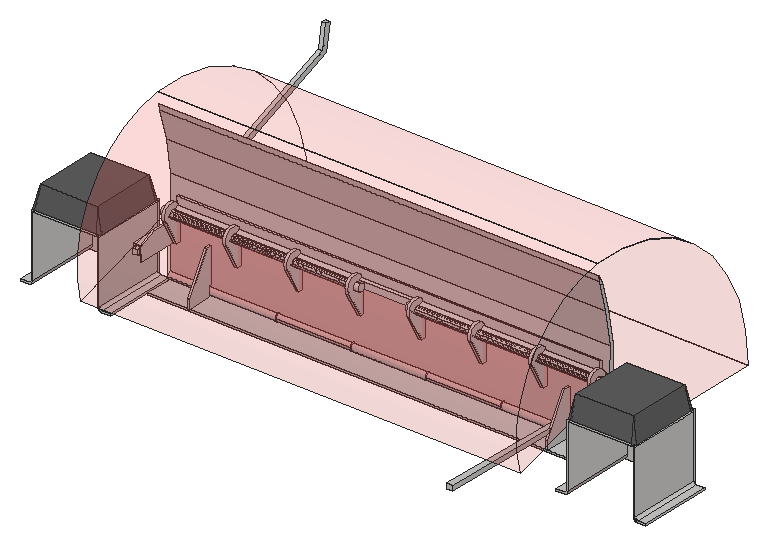
Revit family "Loading-Equipment_Dock-levellers_Wayne-Dalton_Edge-dock-leveler", category Specialty Equipment, host Face, Revit 2026
Family settings
  Host = Face
  Round Connector Dimension = Use Diameter
  Part Type = Normal
  Classification Number = 23.50.70.14.14
  Enable Cutting in Views = No
  Cut with Voids When Loaded = No
  Maintain Annotation Orientation = No
  Shared = No
  Room Calculation Point = No
Parameters (values of type "78in Wide – Extension Spring – Retractable Pole")
  Width = 6' - 6"
  URL = "https://www.wayne-dalton.com/"
  Top Plate Material = Metal - Wayne Dalton - Steel Checker Plate
  Shaft Angle Real [instance] = if(Shaft Angle < 0.00°, 0.00°, if(Shaft Angle > 90.00°, 90.00°, Shaft Angle))  # 0.00°
  Shaft Angle [instance] = 0.00°
  Product data url = "https://www.bimobject.com/en/wayne-dalton/product/edge-of-dock-leveler"
  Product Page URL = "https://www.wayne-dalton.com/dock-equipment/edge-of-dock"
  Product Guid = ""
  Pole Visibility [instance] = yes
  Mount Type [instance] = if(Mount < 2, "Embed", if(Mount = 2, "Formed angle", if(Mount = 3, "Face", "Transition plate")))  # "Face"
  Mount [instance] = 3  # constant formula
  Model = "Edge Dock E78WD"
  Manufacturer = "Wayne Dalton"  # constant formula
  Main Material = Metal - Wayne Dalton - Steel
  Lip Type [instance] = if(Lip < 2, "15in (box projection 16in)", "17in (box projection 18in)")  # "15in (box projection 16in)"
  Lip Angle [instance] = 0.00°
  Lip [instance] = 1
  Description = "Wayne Dalton DaltonDock™ Edge of Dock Leveler provides smooth, safe path for loading docks and trailers."  # constant formula
  Default Elevation = 4' - 0"
  Clearance [instance] = yes
  Capacity Type [instance] = if(Capacity < 2, "20k", if(Capacity = 2, "25k", "30k"))  # "20k"
  Capacity [instance] = 1
  C-chanel vis [instance] = if(Mount < 2, 1 < 2, 1 > 2)  # no
Types (4): name | Width | Model
  (no name) | 6' - 6" | "Edge Dock E78WD"
  66in Wide – Extension Spring – Retractable Pole | 5' - 6" | "Edge Dock E66WD"
  72in Wide – Extension Spring – Retractable Pole | 6' - 0" | "Edge Dock E72WD"
  78in Wide – Extension Spring – Retractable Pole | 6' - 6" | "Edge Dock E78WD"
Reference planes (in)
  plane 1 "Center (Front/Back)": y = 0
  plane 2: z = 0
  plane 3 "Center (Left/Right)": x = 0
  plane 4: x = -39
  plane 5: x = 39
  plane 6: x = -47.50001
  plane 7: x = 47.5
  plane 8: x = 55.50001
  plane 9: x = -55.5
  plane 10: x = -32
  plane 11: x = 32
  plane 12: x = -33.25
  plane 13: x = -19.95
  plane 14: x = -6.65
  plane 15: x = 6.65
  plane 16: x = 19.95
  plane 17: x = 33.25
  plane 18: z = 0.9375
  plane 19: y = -0.375
Forms (in)
  Extrusion 1, solid, material "Metal - Wayne Dalton - Steel" <- "Main Material", visible <- "C-chanel vis"
    sketch origin (0, 0, 0) x (0, 1, 0) y (0, 0, 1)
      loop
        line (0, 0) -> (-8.01385, 0) -> (-8.01385, -1.5)
        arc (-8.01385, -1.5) -> (-7.90361, -1.48024) -> (-7.84326, -1.38589) r 0.13978
        line (-7.84326, -1.38589) -> (-7.68903, -0.41067)
        arc (-7.68903, -0.41067) -> (-7.62464, -0.29564) -> (-7.50095, -0.25) r 0.19042
        line (-7.50095, -0.25) -> (-0.5129, -0.25)
        arc (-0.5129, -0.25) -> (-0.38922, -0.29564) -> (-0.32482, -0.41067) r 0.19042
        line (-0.32482, -0.41067) -> (-0.17059, -1.38589)
        arc (-0.17059, -1.38589) -> (-0.11024, -1.48024) -> (0, -1.5) r 0.13978
        line (0, -1.5) -> (0, 0)
    from -55.5 to 55.50001
  Extrusion 2, solid, material "Metal - Wayne Dalton - Steel" <- "Main Material"
    sketch origin (0, 0, 0) x (0, 1, 0) y (0, 0, 1)
      loop
        line (-0.25, 0.3125) -> (-5.5, 0.3125) -> (-5.5, 0) -> (-0.25, 0) -> (-0.25, 0.3125)
    from -39 to 39
  Extrusion 3, solid, material "Metal - Wayne Dalton - Steel" <- "Main Material"
    sketch origin (0, 0, 0) x (0, 1, 0) y (0, 0, 1)
      loop
        line (-0.75, 8.3125) -> (-1.75, 8.3125) -> (-5.5, 1.8125) -> (-5.5, 0.3125) -> (-1.125, 0.3125) -> (-1.125, 1.93734) -> (-1, 2.15401) -> (-0.75, 2.1875) -> (-0.75, 8.3125)
    from -32 to -31.625
  Extrusion 4, solid, material "Metal - Wayne Dalton - Steel" <- "Main Material"
    sketch origin (0, 0, 0) x (0, 1, 0) y (0, 0, -1)
      loop
        line (-0.75, -8.3125) -> (-0.75, -2.1875) -> (-1, -2.15401) -> (-1.125, -1.93734) -> (-1.125, -0.3125) -> (-5.5, -0.3125) -> (-5.5, -1.8125) -> (-1.75, -8.3125) -> (-0.75, -8.3125)
    from -32 to -31.625
  Extrusion 5, solid, material "Metal - Wayne Dalton - Steel" <- "Main Material"
    sketch origin (0, 0, 0) x (0, 1, 0) y (0, 0, 1)
      loop
        line (-26.23941, 3.63613) -> (-26.2541, 2.76126) -> (-2.17659, 2.35103) -> (-2.17659, 3.22729) -> (-26.23941, 3.63613)
    from 30.625 to 31.625
  Extrusion 6, solid, material "Metal - Wayne Dalton - Steel" <- "Main Material"
    sketch origin (0, 0, 0) x (0, 1, 0) y (0, 0, 1)
      loop
        circle (-0.375, 0.9375) r 0.62941
    from -39 to 39
  Extrusion 7, void
    sketch origin (0, 0, 0) x (1, 0, 0) y (0, 0, 1)
      loop
        line (-33.25, 0) -> (-19.95, 0) -> (-19.95, 2.84462) -> (-33.25, 2.84462) -> (-33.25, 0)
      loop
        line (-6.65, 0) -> (6.65, 0) -> (6.65, 2.84462) -> (-6.65, 2.84462) -> (-6.65, 0)
      loop
        line (19.95, 0) -> (33.25, 0) -> (33.25, 2.84462) -> (19.95, 2.84462) -> (19.95, 0)
    from -4.87956 to 8.01385
  Extrusion 8, solid, material "Clearance - Wayne Dalton - Red", visible <- "Clearance"
    sketch origin (0, 0, 0) x (0, 1, 0) y (0, 0, 1)
      loop
        line (-0.99096, 0.55272) -> (30.12015, 0.55272)
        arc (30.12015, 0.55272) -> (20.27848, 23.37712) -> (-3.28207, 31.29621) r 30.49758
        arc (-3.28207, 31.29621) -> (-17.86791, 22.358) -> (-20.39644, 5.43923) r 20.23892
        line (-20.39644, 5.43923) -> (-0.99096, 11.18739) -> (-0.99096, 0.55272)
    from -39 to 39
Cuts and joins
  Extrusion 7 cuts Extrusion 6
Lines and regions (in)
  Masking region 1, visible <- "C-chanel vis"
    outline origin (0, 0, 0) x (1, 0, 0) y (0, 0, 1)
      loop
        line (-55.5, 0) -> (-55.5, -1.5) -> (55.50001, -1.5) -> (55.50001, 0) -> (-55.5, 0)
  Masking region 2
    outline origin (0, 0, 0) x (1, 0, 0) y (0, 0, 1)
      loop
        line (39, 0.3125) -> (-39, 0.3125) -> (-39, 0) -> (39, 0) -> (39, 0.3125)
  Masking region 3
    outline origin (0, 0, 0) x (1, 0, 0) y (0, 0, 1)
      loop
        line (33.25, 1.4437) -> (33.25, 0.3125) -> (39, 0.3125) -> (39, 1.4437) -> (33.25, 1.4437)
      loop
        line (6.65, 1.4437) -> (6.65, 0.30809) -> (19.95, 0.30809) -> (19.95, 1.4437) -> (6.65, 1.4437)
      loop
        line (-19.95, 1.4437) -> (-19.95, 0.30809) -> (-6.65, 0.30809) -> (-6.65, 1.4437) -> (-19.95, 1.4437)
      loop
        line (-39, 1.4437) -> (-39, 0.30809) -> (-33.25, 0.30809) -> (-33.25, 1.4437) -> (-39, 1.4437)
  reference lines
    curve 1: line (0, -0.375, 0.9375) -> (0, -0.375, 18.9375)
Dimensions and locks (in)
  equal spacing: plane 4, plane 3 "Center (Left/Right)", plane 5
  "Width": plane 4 to plane 5
  plane 9 to plane 6 to plane 4 = 0' - 8" locked, 0' - 8 1/2" locked
  plane 5 to plane 7 to plane 8 = 0' - 8 1/2" locked, 0' - 8"
  locked: plane 4 to plane 10 at 7
  locked: plane 10 to Extrusion 3 at 0.375
  locked: plane 11 to Extrusion 4 at 0.375
  locked: plane 11 to plane 5 at 7
  locked: Extrusion 5 to plane 11 at 1.375
  locked: plane 17 to plane 5 at 5.75
  locked: plane 4 to plane 12 at 5.75
  equal spacing: plane 12, plane 13, plane 14, plane 15, plane 16, plane 17
  locked: plane 1 "Center (Front/Back)" to plane 19 at 0.375
  locked: plane 18 to level at 0.9375
  "Shaft Angle Real": angle plane 19 to curve 1
  aligned and locked: host face to plane 2
  aligned and locked: host face to level
  aligned and locked: plane 8 to Extrusion 1
  aligned and locked: plane 9 to Extrusion 1
  aligned and locked: Extrusion 2 to plane 4
  aligned and locked: plane 5 to Extrusion 2
  aligned and locked: Extrusion 5 to Extrusion 4
  aligned and locked: plane 10 to Extrusion 3
  aligned and locked: plane 11 to Extrusion 4
  aligned and locked: Extrusion 6 to plane 4
  aligned and locked: plane 5 to Extrusion 6
  aligned and locked: plane 12 to Extrusion 7 sketch curve
  aligned and locked: Extrusion 7 sketch curve to plane 13
  aligned and locked: plane 14 to Extrusion 7 sketch curve
  aligned and locked: Extrusion 7 sketch curve to plane 15
  aligned and locked: plane 16 to Extrusion 7 sketch curve
  aligned and locked: Extrusion 7 sketch curve to plane 17
  aligned and locked: plane 18 to curve 1
  aligned and locked: plane 19 to curve 1
  aligned and locked: nested 1 to curve 1
  aligned and locked: nested 2 to plane 6
  aligned and locked: nested 3 to plane 7
  aligned and locked: Extrusion 8 to plane 4
  aligned and locked: plane 5 to Extrusion 8
  aligned and locked: Masking region 1 sketch curve to Extrusion 1  (x4)
  aligned and locked: Masking region 2 sketch curve to Extrusion 2  (x2)
  aligned and locked: Extrusion 2 to Masking region 2 sketch curve
  aligned and locked: plane 5 to Masking region 2 sketch curve
  aligned and locked: nested 1 to Masking region 3 sketch curve  (x3)
  aligned and locked: Masking region 3 sketch curve to nested 1  (x3)
  aligned and locked: Masking region 3 sketch curve to Extrusion 2  (x2)
  aligned and locked: Masking region 3 sketch curve to plane 15
  aligned and locked: cut or joined group of Extrusion 6, Extrusion 7 to Masking region 3 sketch curve  (x3)
  aligned and locked: Masking region 3 sketch curve to plane 13
  aligned and locked: Masking region 3 sketch curve to Masking region 3 sketch curve
Automatic sketch dimensions
  host sketch curve to host sketch curve = 15' - 7.1098"
  host sketch curve to host sketch curve = 8' - 0"
  Extrusion 1 sketch curve to level = 0' - 0"
  Extrusion 1 sketch curve to plane 1 "Center (Front/Back)" = 0' - 0"
  plane 1 "Center (Front/Back)" to Extrusion 1 sketch curve = 0' - 0.03253"
  Extrusion 1 sketch curve to Extrusion 1 sketch curve = 0' - 0.13806"  (x2)
  plane 1 "Center (Front/Back)" to Extrusion 1 sketch curve = 0' - 0.32482"
  Extrusion 1 sketch curve to Extrusion 1 sketch curve = 0' - 0.18808"  (x2)
  Extrusion 1 sketch curve to level = 0' - 0.44042"
  Extrusion 1 sketch curve to Extrusion 1 sketch curve = 0' - 6.98806"
  Extrusion 1 sketch curve to level = 0' - 0.41067"
  Extrusion 1 sketch curve to level = 0' - 1.38589"
  Extrusion 1 sketch curve to Extrusion 1 sketch curve = 0' - 0.15423"
  Extrusion 1 sketch curve to Extrusion 1 sketch curve = 0' - 0.32482"
  Extrusion 1 sketch curve to Extrusion 1 sketch curve = 0' - 1.13589"
  Extrusion 1 sketch curve to Extrusion 1 sketch curve = 0' - 0.11411"  (x2)
  Extrusion 1 sketch curve to Extrusion 1 sketch curve = 0' - 0.19042"
  Extrusion 2 sketch curve to level = 0' - 0"
  level to Extrusion 2 sketch curve = 0' - 0 5/16"
  plane 1 "Center (Front/Back)" to Extrusion 2 sketch curve = 0' - 5 1/2"
  plane 1 "Center (Front/Back)" to Extrusion 2 sketch curve = 0' - 0 1/4"
  level to Extrusion 3 sketch curve = 0' - 0 5/16"
  plane 1 "Center (Front/Back)" to Extrusion 3 sketch curve = 0' - 5 1/2"
  plane 1 "Center (Front/Back)" to Extrusion 3 sketch curve = 0' - 1 3/4"
  plane 1 "Center (Front/Back)" to Extrusion 3 sketch curve = 0' - 1 1/8"
  Extrusion 3 sketch curve to Extrusion 3 sketch curve = 0' - 0 1/8"
  Extrusion 3 sketch curve to Extrusion 3 sketch curve = 0' - 0 1/4"
  Extrusion 3 sketch curve to Extrusion 3 sketch curve = 0' - 1 1/2"
  Extrusion 3 sketch curve to Extrusion 3 sketch curve = 0' - 1.62484"
  Extrusion 3 sketch curve to Extrusion 3 sketch curve = 0' - 0.21667"
  Extrusion 3 sketch curve to Extrusion 3 sketch curve = 0' - 0.03349"
  Extrusion 3 sketch curve to Extrusion 3 sketch curve = 0' - 6.15849"
  level to Extrusion 4 sketch curve = 0' - 0 5/16"
  plane 1 "Center (Front/Back)" to Extrusion 4 sketch curve = 0' - 5 1/2"
  plane 1 "Center (Front/Back)" to Extrusion 4 sketch curve = 0' - 1 3/4"
  plane 1 "Center (Front/Back)" to Extrusion 4 sketch curve = 0' - 1 1/8"
  Extrusion 4 sketch curve to Extrusion 4 sketch curve = 0' - 0 1/8"
  Extrusion 4 sketch curve to Extrusion 4 sketch curve = 0' - 0 1/4"
  Extrusion 4 sketch curve to Extrusion 4 sketch curve = 0' - 1 1/2"
  Extrusion 4 sketch curve to Extrusion 4 sketch curve = 0' - 1.62484"
  Extrusion 4 sketch curve to Extrusion 4 sketch curve = 0' - 0.21667"
  Extrusion 4 sketch curve to Extrusion 4 sketch curve = 0' - 0.03349"
  Extrusion 4 sketch curve to Extrusion 4 sketch curve = 0' - 6 1/8"
  level to Extrusion 5 sketch curve = 0' - 2.76126"
  plane 1 "Center (Front/Back)" to Extrusion 5 sketch curve = 2' - 2.2541"
  level to Extrusion 5 sketch curve = 0' - 3.63613"
  Extrusion 5 sketch curve to Extrusion 5 sketch curve = 0' - 0.01469"
  plane 1 "Center (Front/Back)" to Extrusion 5 sketch curve = 0' - 2.17659"
  level to Extrusion 5 sketch curve = 0' - 2.35103"
  Extrusion 5 sketch curve to Extrusion 5 sketch curve = 0' - 0.87627"
  plane 1 "Center (Front/Back)" to Extrusion 6 sketch curve = 0' - 0 3/8"
  level to Extrusion 6 sketch curve = 0' - 0 15/16"
  Extrusion 7 sketch curve to level = 0' - 0"  (x3)
  level to Extrusion 7 sketch curve = 0' - 2.84462"  (x2)
  Extrusion 7 sketch curve to Extrusion 7 sketch curve = 0' - 2.84462"
  Extrusion 8 sketch curve to plane 18 = 0' - 0"
  Extrusion 8 sketch curve to plane 19 = 0' - 0"
  plane 19 to Extrusion 8 sketch curve = 0' - 0.61596"
  Extrusion 8 sketch curve to Extrusion 8 sketch curve = 0' - 0"  (x2)
  plane 18 to Extrusion 8 sketch curve = 0' - 4.50173"
  plane 19 to Extrusion 8 sketch curve = 1' - 8.02144"
  plane 18 to Extrusion 8 sketch curve = 0' - 10.24989"
  plane 19 to Extrusion 8 sketch curve = 0' - 2.90707"
  Extrusion 8 sketch curve to plane 18 = 0' - 0.38478"
  level to Masking region 3 sketch curve = 0' - 0 5/16"
  level to Masking region 3 sketch curve = 0' - 0.30809"  (x2)
  radius of Extrusion 6 sketch curve = 0' - 0.62941"
Nested families (in)
  nested 1: "Shaft" at (0, -0.375, 0.9375) x (1, 0, 0) z (0, 1, 0), type "Shaft"
    with Real Lip Angle 0.00°, Lip Length 6' - 6", Lip Angle 0.00°
  nested 2: "Bumper Box" at (-47.50001, 0, 0) x (-1, 0, 0) z (0, 1, 0), type "Bumper Box"
  nested 3: "Bumper Box" at (47.5, 0, 0) x (-1, 0, 0) z (0, 1, 0), type "Bumper Box"
Definition of nested family "Shaft"
  Parameters (values of type "Shaft")
    Real Lip Angle = if(Lip Angle < 0.00°, 0.00°, if(Lip Angle > 100.00°, 100.00°, Lip Angle))  # 100.00°
    Pole Vis = yes
    Plate Material = none
    Lip Length = 5' - 6"
    Lip Angle = 100.00°
    Lip = 1
    Hinges Material = none
    Default Elevation = 4' - 0"
    17in = if(Lip < 2, 1 > 2, 1 < 2)  # no
  Reference planes (in)
    plane 1 "Center (Front/Back)": y = 0
    plane 2: z = 0
    plane 3 "Center (Left/Right)": x = 0
    plane 4: x = -33
    plane 5: x = 33
    plane 6: x = -27.25
    plane 7: x = 27.25
    plane 8: x = -16.35
    plane 9: x = -5.45
    plane 10: x = 5.45
    plane 11: x = 16.35
    plane 12: x = -32
    plane 13: x = 32
    plane 14: x = -22.85714
    plane 15: x = -13.71429
    plane 16: x = -4.57143
    plane 17: x = 4.57143
    plane 18: x = 13.71429
    plane 19: x = 22.85714
    plane 20: x = -3.07143
    plane 21: x = 3.57143
    plane 22: y = -11.01221
    plane 23: z = -1.6676
  Forms (in)
    Extrusion 1, void
      sketch origin (0, 0, 0) x (1, 0, 0) y (0, 1, 0)
        loop
          line (-33, 1.24372) -> (-33, -4.22798) -> (-27.25, -4.22798) -> (-27.25, 1.24372) -> (-33, 1.24372)
        loop
          line (-16.35, 1.24372) -> (-16.35, -3.7449) -> (-5.45, -3.7449) -> (-5.45, 1.24372) -> (-16.35, 1.24372)
        loop
          line (5.45, 1.24372) -> (5.45, -3.5889) -> (16.35, -3.5889) -> (16.35, 1.24372) -> (5.45, 1.24372)
        loop
          line (27.25, 1.24372) -> (27.25, -3.54878) -> (33, -3.54878) -> (33, 1.24372) -> (27.25, 1.24372)
      from -2.80431 to 2.84425
    Extrusion 2, solid, material <- "Hinges Material"
      sketch origin (0, 0, 0) x (0, 1, 0) y (0, 0, 1)
        loop
          circle (0, 0) r 0.6327
      from -33 to 33
    Extrusion 3, solid, material <- "Hinges Material"
      sketch origin (0, -0.76232, -1.05164) x (0, 1, 0) y (0, 0, 1)
        loop
          circle (-10.24989, -0.61596) r 0.63063
      from -33 to -3.07143
    Extrusion 4, solid, material <- "Plate Material"
      sketch origin (0, 0, 0) x (0, 1, 0) y (0, 0, 1)
        loop
          line (-0.5062, 0.38478) -> (-11.62469, 0.38478) -> (-11.62471, 0.00449) -> (-0.5062, 0.00449) -> (-0.5062, 0.38478)
      from -33 to 33
    Extrusion 5, solid, material <- "Hinges Material"
      sketch origin (0, 0, 0) x (0, 1, 0) y (0, 0, 1)
        loop
          line (-5.12488, 0.00848) -> (-8.87478, 0.00848) -> (-8.87503, -3.99028) -> (-7.47633, -6.9903) -> (-5.1253, -6.78476) -> (-5.12488, 0.00848)
      from -33 to -32.74901
    Extrusion 6, solid, material <- "Hinges Material"
      sketch origin (0, 0, 0) x (1, 0, 0) y (0, 1, 0)
        loop
          line (-33, -5.9198) -> (-34.25, -5.9198) -> (-34.25, -7.61259) -> (-33, -7.61259) -> (-33, -7.36259) -> (-34, -7.36259) -> (-34, -6.1698) -> (-33, -6.1698) -> (-33, -5.9198)
      from -6.64965 to 0
    Extrusion 7, solid, material <- "Hinges Material", visible <- "Pole Vis"
      sketch origin (0, 0, 0) x (0, 1, 0) y (0, 0, 1)
        loop
          line (-6.46213, 0.56914) -> (-19.99189, 34.73796) -> (-24.55226, 35.55474) -> (-24.70576, 34.68147) -> (-20.68064, 33.96055) -> (-7.3857, 0.38478) -> (-7.07884, -7.11747) -> (-6.14773, -7.11747) -> (-6.46213, 0.56914)
      from -34.03 to -33.28001
    Extrusion 8, solid, material <- "Hinges Material"
      sketch origin (0, 0, 0.32812) x (0, 1, 0) y (0, 0, 1)
        loop
          arc (-11.01221, -0.32791) -> (-12.62515, -2.42002) -> (-10.19154, -3.44766) r 1.66781
          line (-10.19154, -3.44766) -> (-5.76221, -0.94408) -> (-5.76221, -0.32791) -> (-11.01221, -0.32791)
      from -32 to -31.5
    Extrusion 9, solid, material <- "Hinges Material"
      sketch origin (9.14286, 0.00601, 0.32812) x (0, 1, 0) y (0, 0, 1)
        loop
          arc (-11.01221, -0.32791) -> (-12.62515, -2.42002) -> (-10.19154, -3.44766) r 1.66781
          line (-10.19154, -3.44766) -> (-5.76221, -0.94408) -> (-5.76221, -0.32791) -> (-11.01221, -0.32791)
      from -32 to -31.5
    Extrusion 10, solid, material <- "Hinges Material"
      sketch origin (18.28571, 0.00601, 0.32812) x (0, 1, 0) y (0, 0, 1)
        loop
          arc (-11.01221, -0.32791) -> (-12.62515, -2.42002) -> (-10.19154, -3.44766) r 1.66781
          line (-10.19154, -3.44766) -> (-5.76221, -0.94408) -> (-5.76221, -0.32791) -> (-11.01221, -0.32791)
      from -32 to -31.5
    Extrusion 11, solid, material <- "Hinges Material"
      sketch origin (27.42857, 0.00601, 0.32812) x (0, 1, 0) y (0, 0, 1)
        loop
          arc (-11.01221, -0.32791) -> (-12.62515, -2.42002) -> (-10.19154, -3.44766) r 1.66781
          line (-10.19154, -3.44766) -> (-5.76221, -0.94408) -> (-5.76221, -0.32791) -> (-11.01221, -0.32791)
      from -32 to -31.5
    Extrusion 12, solid, material <- "Hinges Material"
      sketch origin (36.57143, 0.00601, 0.32812) x (0, 1, 0) y (0, 0, 1)
        loop
          arc (-11.01221, -0.32791) -> (-12.62515, -2.42002) -> (-10.19154, -3.44766) r 1.66781
          line (-10.19154, -3.44766) -> (-5.76221, -0.94408) -> (-5.76221, -0.32791) -> (-11.01221, -0.32791)
      from -32 to -31.5
    Extrusion 13, solid, material <- "Hinges Material"
      sketch origin (45.71429, 0.00601, 0.32812) x (0, 1, 0) y (0, 0, 1)
        loop
          arc (-11.01221, -0.32791) -> (-12.62515, -2.42002) -> (-10.19154, -3.44766) r 1.66781
          line (-10.19154, -3.44766) -> (-5.76221, -0.94408) -> (-5.76221, -0.32791) -> (-11.01221, -0.32791)
      from -32 to -31.5
    Extrusion 14, solid, material <- "Hinges Material"
      sketch origin (54.85714, 0.00601, 0.32812) x (0, 1, 0) y (0, 0, 1)
        loop
          arc (-11.01221, -0.32791) -> (-12.62515, -2.42002) -> (-10.19154, -3.44766) r 1.66781
          line (-10.19154, -3.44766) -> (-5.76221, -0.94408) -> (-5.76221, -0.32791) -> (-11.01221, -0.32791)
      from -32 to -31.5
    Extrusion 15, solid, material <- "Hinges Material"
      sketch origin (63.5, 0.00601, 0.32812) x (0, 1, 0) y (0, 0, 1)
        loop
          arc (-11.01221, -0.32791) -> (-12.62515, -2.42002) -> (-10.19154, -3.44766) r 1.66781
          line (-10.19154, -3.44766) -> (-5.76221, -0.94408) -> (-5.76221, -0.32791) -> (-11.01221, -0.32791)
      from -32 to -31.5
    Extrusion 16, solid, material <- "Hinges Material"
      sketch origin (35.82143, -0.76232, -1.05164) x (0, 1, 0) y (0, 0, 1)
        loop
          circle (-10.24989, -0.61596) r 0.63063
      from -32.25 to -2.82143
  Cuts and joins
    Extrusion 1 cuts Extrusion 2
    Extrusion 1 cuts Extrusion 3
  Lines and regions (in)
    Masking region 1
      outline origin (0, 0, 0) x (1, 0, 0) y (0, 1, 0)
        loop
          line (-33, -0.5062) -> (-33, -11.62471) -> (33, -11.62471) -> (33, -0.5062) -> (27.25, -0.5062) -> (27.25, 0.6327) -> (16.35, 0.6327) -> (16.35, -0.5062) -> (5.45, -0.5062) -> (5.45, 0.6327) -> (-5.45, 0.6327) -> (-5.45, -0.5062) -> (-16.35, -0.5062) -> (-16.35, 0.6327) -> (-27.25, 0.6327) -> (-27.25, -0.5062) -> (-33, -0.5062)
    Masking region 2
      outline origin (0, 0, 0) x (1, 0, 0) y (0, 1, 0)
        loop
          line (-33, -5.9198) -> (-34.25, -5.9198) -> (-34.25, -7.61259) -> (-33, -7.61259) -> (-33, -7.36259) -> (-34, -7.36259) -> (-34, -6.1698) -> (-33, -6.1698) -> (-33, -5.9198)
    symbolic lines
      curve 1: line (-27.25, -0.5062, 0) -> (27.25, -0.5062, 0)
    reference lines
      curve 2: line (0, -11.01221, -1.6676) -> (0, -7.14854, -23.57957)
  Dimensions and locks (in)
    equal spacing: plane 4, plane 3 "Center (Left/Right)", plane 5
    "Lip Length": plane 4 to plane 5
    locked: plane 4 to plane 6 at 5.75
    locked: plane 7 to plane 5 at 5.75
    equal spacing: plane 6, plane 8, plane 9, plane 10, plane 11, plane 7
    locked: plane 4 to Extrusion 5 at 0.25099
    locked: Extrusion 6 sketch curve to plane 4 at 1.25
    locked: Extrusion 6 sketch curve to Extrusion 6 sketch curve at 0.25
    plane 4 to Extrusion 7 to Extrusion 7 = 0' - 0.28001" locked, 0' - 0 3/4" locked
    locked: plane 4 to plane 12 at 1
    locked: plane 13 to plane 5 at 1
    equal spacing: plane 12, plane 14, plane 15, plane 16, plane 17, plane 18, plane 19, plane 13
    locked: plane 12 to Extrusion 8 at 0.5
    locked: Extrusion 15 to plane 13 at 0.5
    locked: plane 19 to Extrusion 14 at 0.5
    locked: plane 18 to Extrusion 13 at 0.5
    locked: plane 17 to Extrusion 12 at 0.5
    locked: plane 16 to Extrusion 11 at 0.5
    locked: plane 15 to Extrusion 10 at 0.5
    locked: plane 14 to Extrusion 9 at 0.5
    locked: plane 16 to plane 20 at 1.5
    locked: plane 21 to plane 17 at 1
    "Real Lip Angle": angle curve 2 to plane 23
    aligned and locked: plane 2 to level
    aligned and locked: Extrusion 4 to plane 4
    aligned and locked: plane 5 to Extrusion 4
    aligned and locked: Extrusion 3 to plane 4
    aligned and locked: plane 5 to Extrusion 2
    aligned and locked: Extrusion 2 to plane 4
    aligned and locked: plane 4 to Extrusion 1 sketch curve
    aligned and locked: Extrusion 1 sketch curve to plane 6
    aligned and locked: plane 8 to Extrusion 1 sketch curve
    aligned and locked: Extrusion 1 sketch curve to plane 9
    aligned and locked: Extrusion 1 sketch curve to plane 5
    aligned and locked: plane 7 to Extrusion 1 sketch curve
    aligned and locked: Masking region 1 sketch curve to Extrusion 4  (x3)
    aligned and locked: cut or joined group of Extrusion 1, Extrusion 2 to Masking region 1 sketch curve  (x3)
    aligned and locked: Masking region 1 sketch curve to cut or joined group of Extrusion 1, Extrusion 2  (x3)
    aligned and locked: Extrusion 5 to plane 4
    aligned and locked: Extrusion 6 sketch curve to plane 4  (x2)
    aligned and locked: level to Extrusion 6
    aligned and locked: Masking region 2 sketch curve to Extrusion 6  (x8)
    aligned and locked: nested 1 to curve 2
    aligned and locked: Extrusion 8 to plane 12
    aligned and locked: Extrusion 9 to plane 14
    aligned and locked: Extrusion 10 to plane 15
    aligned and locked: Extrusion 11 to plane 16
    aligned and locked: Extrusion 12 to plane 17
    aligned and locked: Extrusion 13 to plane 18
    aligned and locked: Extrusion 14 to plane 19
    aligned and locked: plane 13 to Extrusion 15
    aligned and locked: Extrusion 3 to plane 20
    aligned and locked: plane 21 to Extrusion 16
    aligned and locked: plane 5 to Extrusion 16
    aligned and locked: plane 22 to curve 2
    aligned and locked: plane 23 to curve 2
  Automatic sketch dimensions
    Extrusion 2 sketch curve to level = 0' - 0"
    Extrusion 2 sketch curve to plane 1 "Center (Front/Back)" = 0' - 0"
    Extrusion 1 sketch curve to plane 10 = 0' - 0"
    Extrusion 1 sketch curve to plane 11 = 0' - 0"
    plane 1 "Center (Front/Back)" to Extrusion 1 sketch curve = 0' - 3.54878"
    plane 1 "Center (Front/Back)" to Extrusion 1 sketch curve = 0' - 4.22798"
    plane 1 "Center (Front/Back)" to Extrusion 1 sketch curve = 0' - 3.5889"
    plane 1 "Center (Front/Back)" to Extrusion 1 sketch curve = 0' - 3.7449"
    Extrusion 1 sketch curve to plane 1 "Center (Front/Back)" = 0' - 1.24372"  (x4)
    level to Extrusion 4 sketch curve = 0' - 0.00449"
    Extrusion 4 sketch curve to Extrusion 4 sketch curve = 0' - 0.00002"
    plane 1 "Center (Front/Back)" to Extrusion 4 sketch curve = 0' - 0.5062"
    level to Extrusion 4 sketch curve = 0' - 0.38478"
    Masking region 1 sketch curve to plane 1 "Center (Front/Back)" = 0' - 0.6327"  (x3)
    plane 1 "Center (Front/Back)" to Masking region 1 sketch curve = 0' - 0.5062"  (x3)
    curve 1 to plane 6 = 0' - 0"
    curve 1 to plane 7 = 0' - 0"
    plane 1 "Center (Front/Back)" to curve 1 = 0' - 0.5062"
    Extrusion 5 sketch curve to Extrusion 5 sketch curve = 0' - 2.35103"
    Extrusion 5 sketch curve to Extrusion 5 sketch curve = 0' - 0.20554"
    Extrusion 5 sketch curve to Extrusion 5 sketch curve = 0' - 3"
    level to Extrusion 5 sketch curve = 0' - 0.00848"
    Extrusion 5 sketch curve to Extrusion 5 sketch curve = 0' - 3.74991"
    Extrusion 6 sketch curve to Extrusion 6 sketch curve = 0' - 0 1/4"  (x2)
    Extrusion 6 sketch curve to Extrusion 6 sketch curve = 0' - 1.19279"
    Extrusion 7 sketch curve to Extrusion 7 sketch curve = 0' - 0.1535"
    Extrusion 7 sketch curve to Extrusion 7 sketch curve = 0' - 4.56036"
    level to Extrusion 7 sketch curve = 0' - 0.38478"
    level to Extrusion 7 sketch curve = 0' - 0.56914"
    Extrusion 7 sketch curve to Extrusion 7 sketch curve = 0' - 0.92357"
    Extrusion 7 sketch curve to Extrusion 7 sketch curve = 0' - 0.93111"
    level to Extrusion 7 sketch curve = 2' - 10.68147"
    Extrusion 7 sketch curve to Extrusion 7 sketch curve = 0' - 0.05649"
    Extrusion 7 sketch curve to Extrusion 7 sketch curve = 0' - 0.87327"
    Extrusion 7 sketch curve to Extrusion 7 sketch curve = 0' - 0.68875"
    Extrusion 7 sketch curve to Extrusion 7 sketch curve = 0' - 0.77741"
    level to Extrusion 8 sketch curve = 0' - 0.00021"
    level to Extrusion 9 sketch curve = 0' - 0.00021"
    Extrusion 9 sketch curve to level = 0' - 1.6676"
    level to Extrusion 10 sketch curve = 0' - 0.00021"
    Extrusion 10 sketch curve to level = 0' - 1.6676"
    level to Extrusion 11 sketch curve = 0' - 0.00021"
    Extrusion 11 sketch curve to level = 0' - 1.6676"
    level to Extrusion 12 sketch curve = 0' - 0.00021"
    Extrusion 12 sketch curve to level = 0' - 1.6676"
    level to Extrusion 13 sketch curve = 0' - 0.00021"
    Extrusion 13 sketch curve to level = 0' - 1.6676"
    level to Extrusion 14 sketch curve = 0' - 0.00021"
    Extrusion 14 sketch curve to level = 0' - 1.6676"
    level to Extrusion 15 sketch curve = 0' - 0.00021"
    Extrusion 15 sketch curve to level = 0' - 1.6676"
    plane 1 "Center (Front/Back)" to Extrusion 3 sketch curve = 0' - 11.01221"
    Extrusion 4 sketch curve to Extrusion 4 sketch curve = 0' - 11.11849"
    Masking region 1 sketch curve to Masking region 1 sketch curve = 0' - 11.11851"
    plane 1 "Center (Front/Back)" to Extrusion 5 sketch curve = 0' - 8.87503"
    Extrusion 5 sketch curve to Extrusion 5 sketch curve = 0' - 0.00025"
    Extrusion 5 sketch curve to Extrusion 5 sketch curve = 0' - 1.3987"
    plane 1 "Center (Front/Back)" to Extrusion 6 sketch curve = 0' - 7.61259"
    plane 1 "Center (Front/Back)" to Extrusion 7 sketch curve = 2' - 0.70576"
    plane 1 "Center (Front/Back)" to Extrusion 7 sketch curve = 0' - 7.3857"
    plane 1 "Center (Front/Back)" to Extrusion 7 sketch curve = 0' - 7.07884"
    plane 1 "Center (Front/Back)" to Extrusion 8 sketch curve = 0' - 11.01221"
    Extrusion 8 sketch curve to Extrusion 8 sketch curve = 0' - 4.42933"
    plane 1 "Center (Front/Back)" to Extrusion 9 sketch curve = 0' - 11.0062"
    Extrusion 9 sketch curve to Extrusion 9 sketch curve = 0' - 4.42933"
    plane 1 "Center (Front/Back)" to Extrusion 10 sketch curve = 0' - 11.0062"
    Extrusion 10 sketch curve to Extrusion 10 sketch curve = 0' - 4.42933"
    plane 1 "Center (Front/Back)" to Extrusion 11 sketch curve = 0' - 11.0062"
    Extrusion 11 sketch curve to Extrusion 11 sketch curve = 0' - 4.42933"
    plane 1 "Center (Front/Back)" to Extrusion 12 sketch curve = 0' - 11.0062"
    Extrusion 12 sketch curve to Extrusion 12 sketch curve = 0' - 4.42933"
    plane 1 "Center (Front/Back)" to Extrusion 13 sketch curve = 0' - 11.0062"
    Extrusion 13 sketch curve to Extrusion 13 sketch curve = 0' - 4.42933"
    plane 1 "Center (Front/Back)" to Extrusion 14 sketch curve = 0' - 11.0062"
    Extrusion 14 sketch curve to Extrusion 14 sketch curve = 0' - 4.42933"
    plane 1 "Center (Front/Back)" to Extrusion 15 sketch curve = 0' - 11.0062"
    Extrusion 15 sketch curve to Extrusion 15 sketch curve = 0' - 4.42933"
    plane 1 "Center (Front/Back)" to Extrusion 16 sketch curve = 0' - 11.01221"
    Extrusion 3 sketch curve to level = 0' - 1.6676"
    Extrusion 5 sketch curve to level = 0' - 3.99028"
    Extrusion 7 sketch curve to level = 0' - 7.11747"
    Extrusion 8 sketch curve to level = 0' - 3.11953"
    Extrusion 8 sketch curve to Extrusion 8 sketch curve = 0' - 0.82067"
    Extrusion 8 sketch curve to level = 0' - 0.61596"
    Extrusion 9 sketch curve to level = 0' - 3.11953"
    Extrusion 9 sketch curve to level = 0' - 0.61596"
    Extrusion 10 sketch curve to level = 0' - 3.11953"
    Extrusion 10 sketch curve to level = 0' - 0.61596"
    Extrusion 11 sketch curve to level = 0' - 3.11953"
    Extrusion 11 sketch curve to level = 0' - 0.61596"
    Extrusion 12 sketch curve to level = 0' - 3.11953"
    Extrusion 12 sketch curve to level = 0' - 0.61596"
    Extrusion 13 sketch curve to level = 0' - 3.11953"
    Extrusion 13 sketch curve to level = 0' - 0.61596"
    Extrusion 14 sketch curve to level = 0' - 3.11953"
    Extrusion 14 sketch curve to level = 0' - 0.61596"
    Extrusion 15 sketch curve to level = 0' - 3.11953"
    Extrusion 15 sketch curve to level = 0' - 0.61596"
    Extrusion 16 sketch curve to level = 0' - 1.6676"
    radius of Extrusion 2 sketch curve = 0' - 0.6327"
    radius of Extrusion 3 sketch curve = 0' - 0.63063"
    radius of Extrusion 16 sketch curve = 0' - 0.63063"
  Nested families (in)
    nested 1: "Lip" at (0, -11.14496, -0.91473) x (1, 0, 0) z (0, -0.9848, -0.1736), type "Lip"
  Definition of nested family "Lip"
    Parameters (values of type "Lip")
      Lip Material = none
      Lip Length = 5' - 6"
      Lip Depth = 1' 6 61/256" + if([17in], 0' 2", 0' 0")  # 1' - 6 61/256"
      Hinges Material = none
      Default Elevation = 4' - 0"
      17in = no
    Reference planes (in)
      plane 1 "Center (Front/Back)": y = 0
      plane 2: z = 0
      plane 3 "Center (Left/Right)": x = 0
      plane 4: x = -33
      plane 5: x = 33
      plane 6: x = -4.5
      plane 7: x = 4.5
      plane 8: y = -18.23828
      plane 9: y = -5.80759
      plane 10: x = -31.5
      plane 11: x = 31.5
      plane 12: x = 22.5
      plane 13: x = 13.5
      plane 14: x = 4.5
      plane 15: x = -4.5
      plane 16: x = -13.5
      plane 17: x = -22.5
      plane 18: y = -0.76449
    Forms (in)
      Extrusion 1, solid, material <- "Lip Material"
        sketch origin (0, 0, 1.05337) x (0, 1, 0) y (0, 0, 1)
          loop
            line (-1.4249, 0.99989) -> (-5.95878, 0.99969) -> (-12.01483, -0.07798) -> (-17.00139, -1.41444) -> (-18.12204, -2.06154) -> (-17.12967, -1.83683) -> (-11.83144, -0.41685) -> (-5.89999, 0.62895) -> (-1.4255, 0.51067) -> (-1.4249, 0.99989)
        from -33 to 33
      Extrusion 2, solid, material <- "Hinges Material"
        sketch origin (0, 0.11719, 1.05337) x (0, 1, 0) y (0, 0, 1)
          loop
            circle (-0.88168, -1.05337) r 0.63273
        from -31.5 to 31.5
      Extrusion 3, solid, material <- "Hinges Material"
        sketch origin (0, 0, 1.05337) x (0, 1, 0) y (0, 0, 1)
          loop
            line (-1.42535, 0.62933) -> (-3.11244, 0.62426) -> (-3.11094, 0.12426) -> (-1.61095, 0.12877) -> (-1.28099, -0.6879)
            arc (-1.28099, -0.6879) -> (-0.97154, -0.45548) -> (-0.58463, -0.44675) r 0.63273
            line (-0.58463, -0.44675) -> (-1.42535, 0.62933)
        from -31.5 to 31.5
      Extrusion 4, void
        sketch origin (0, 0, 0) x (1, 0, 0) y (0, 1, 0)
          loop
            line (-4.5, 1.24372) -> (-4.5, -1.4255) -> (4.5, -1.4255) -> (4.5, 1.24372) -> (-4.5, 1.24372)
        from -2.06154 to 2.84425
    Cuts and joins
      Extrusion 4 cuts Extrusion 2
      Extrusion 4 cuts Extrusion 3
      joined: Extrusion 2, Extrusion 3
    Lines and regions (in)
      Masking region 1
        outline origin (0, 0, 0) x (1, 0, 0) y (0, 1, 0)
          loop
            line (-33, 0.63273) -> (-33, -18.12204) -> (33, -18.12204) -> (33, 0.63273) -> (25.25679, 0.63273) -> (2.92515, 0.63273) -> (-25.31208, 0.63273) -> (-33, 0.63273)
      symbolic lines
        curve 1: line (-33, -1.30275, 0) -> (33, -1.30275, 0)
        curve 2: line (-33, -5.79173, 0) -> (33, -5.79173, 0)
        curve 3: line (33, -11.80274, 0) -> (-33, -11.80274, 0)
        curve 4: line (-33, -17.05231, 0) -> (33, -17.05231, 0)
    Dimensions and locks (in)
      equal spacing: plane 4, plane 3 "Center (Left/Right)", plane 5
      "Lip Length": plane 4 to plane 5
      "Lip Depth": plane 1 "Center (Front/Back)" to plane 8
      locked: plane 9 to plane 8 at 12.43069
      Extrusion 1 sketch curve to Extrusion 1 sketch curve to plane 8 = 0' - 4.98656", 0' - 1.23689"
      locked: plane 4 to plane 10 at 1.5
      locked: plane 11 to plane 5 at 1.5
      equal spacing: plane 10, plane 17, plane 16, plane 15, plane 14, plane 13, plane 12, plane 11
      locked: Extrusion 1 sketch curve to plane 1 "Center (Front/Back)" (angle 90.0025°)
      aligned and locked: plane 2 to level
      aligned and locked: plane 5 to Extrusion 1
      aligned and locked: Extrusion 1 to plane 4
      aligned and locked: plane 6 to Extrusion 4 sketch curve
      aligned and locked: Extrusion 4 sketch curve to plane 7
      aligned and locked: Masking region 1 sketch curve to Extrusion 1  (x3)
      aligned and locked: Masking region 1 sketch curve to Masking region 1 sketch curve  (x2)
      aligned and locked: cut or joined group of Extrusion 2, Extrusion 3, Extrusion 4 to plane 10  (x2)
      aligned and locked: plane 11 to cut or joined group of Extrusion 2, Extrusion 3, Extrusion 4  (x2)
      aligned and locked: plane 6 to plane 15
      aligned and locked: plane 7 to plane 14
    Automatic sketch dimensions
      Extrusion 2 sketch curve to level = 0' - 0"
      plane 1 "Center (Front/Back)" to Extrusion 2 sketch curve = 0' - 0.76449"
      Masking region 1 sketch curve to plane 1 "Center (Front/Back)" = 0' - 0.63273"
      curve 4 to plane 4 = 0' - 0"
      curve 2 to plane 4 = 0' - 0"
      curve 3 to plane 4 = 0' - 0"
      curve 1 to plane 4 = 0' - 0"
      curve 3 to plane 5 = 0' - 0"
      curve 2 to plane 5 = 0' - 0"
      curve 4 to plane 5 = 0' - 0"
      curve 1 to plane 5 = 0' - 0"
      plane 1 "Center (Front/Back)" to curve 4 = 1' - 5.05231"
      curve 4 to curve 3 = 0' - 5.24958"
      plane 1 "Center (Front/Back)" to curve 2 = 0' - 5.79173"
      plane 1 "Center (Front/Back)" to curve 1 = 0' - 1.30275"
      Extrusion 1 sketch curve to Extrusion 1 sketch curve = 0' - 0.12828"
      plane 8 to Extrusion 1 sketch curve = 0' - 0.11624"
      level to Extrusion 1 sketch curve = 0' - 0.63651"
      Extrusion 1 sketch curve to Extrusion 1 sketch curve = 0' - 0.18339"
      plane 9 to Extrusion 1 sketch curve = 0' - 0.15118"
      plane 9 to Extrusion 1 sketch curve = 0' - 0.0924"
      level to Extrusion 1 sketch curve = 0' - 1.56404"
      plane 1 "Center (Front/Back)" to Extrusion 1 sketch curve = 0' - 1.4255"
      Extrusion 1 sketch curve to Extrusion 1 sketch curve = 0' - 0.0006"
      Extrusion 1 sketch curve to level = 0' - 0.36107"
      Extrusion 1 sketch curve to Extrusion 1 sketch curve = 0' - 0.42239"
      Extrusion 1 sketch curve to Extrusion 1 sketch curve = 0' - 0.22471"
      level to Extrusion 1 sketch curve = 0' - 0.97539"
      level to Extrusion 1 sketch curve = 0' - 1.68232"
      Extrusion 1 sketch curve to Extrusion 1 sketch curve = 0' - 0.37075"
      level to Extrusion 3 sketch curve = 0' - 1.18214"
      level to Extrusion 3 sketch curve = 0' - 1.17763"
      level to Extrusion 3 sketch curve = 0' - 1.67763"
      level to Extrusion 3 sketch curve = 0' - 1.6827"
      Extrusion 3 sketch curve to Extrusion 3 sketch curve = 0' - 0.18559"
      level to Extrusion 3 sketch curve = 0' - 0.36547"
      Extrusion 3 sketch curve to Extrusion 3 sketch curve = 0' - 0.32996"
      level to Extrusion 3 sketch curve = 0' - 0.60662"
      Extrusion 3 sketch curve to Extrusion 3 sketch curve = 0' - 0.5165"
      Extrusion 3 sketch curve to Extrusion 3 sketch curve = 0' - 0.36547"
      plane 1 "Center (Front/Back)" to Extrusion 3 sketch curve = 0' - 0.58463"
      plane 1 "Center (Front/Back)" to Extrusion 4 sketch curve = 0' - 1.4255"
      Extrusion 4 sketch curve to plane 1 "Center (Front/Back)" = 0' - 1.24372"
      Masking region 1 sketch curve to plane 7 = 0' - 1.57485"
      Masking region 1 sketch curve to plane 17 = 0' - 2.81208"
      plane 12 to Masking region 1 sketch curve = 0' - 2.75679"
      radius of Extrusion 2 sketch curve = 0' - 0.63273"
Definition of nested family "Bumper Box"
  Parameters (values of type "Bumper Box")
    Ruber Material = none
    Metal Material = none
    Top Plate Material = none
    Lip = 1
    Default Elevation = 0' - 0"
    Bumper Box Length = if(Lip < 2, 1' 4", 1' 6")  # 1' - 4"
  Reference planes (in)
    plane 1 "Center (Front/Back)": y = 0
    plane 2: z = 0
    plane 3 "Center (Left/Right)": x = 0
    plane 4: y = -10.24989
    plane 5: y = -16
    plane 6: y = -12.00009
  Forms (in)
    Extrusion 1, solid, material <- "Metal Material"
      sketch origin (0, 0, 0) x (1, 0, 0) y (0, 1, 0)
        loop
          line (-8.11731, -0.00036) -> (-8.11731, -0.25035) -> (-6.61745, -0.25037)
          arc (-6.61745, -0.25037) -> (-6.2639, -0.39681) -> (-6.11745, -0.75037) r 0.5
          line (-6.11745, -0.75037) -> (-6.11745, -11.75009)
          arc (-6.11745, -11.75009) -> (-6.04423, -11.92686) -> (-5.86745, -12.00009) r 0.25
          line (-5.86745, -12.00009) -> (5.63225, -12.00009)
          arc (5.63225, -12.00009) -> (5.80903, -11.92686) -> (5.88225, -11.75009) r 0.25
          line (5.88225, -11.75009) -> (5.88225, -0.7505)
          arc (5.88225, -0.7505) -> (6.0287, -0.39695) -> (6.38225, -0.2505) r 0.5
          line (6.38225, -0.2505) -> (7.8823, -0.2505) -> (7.8823, -0.00051) -> (6.38234, -0.0005)
          arc (6.38234, -0.0005) -> (5.85192, -0.22017) -> (5.63225, -0.7505) r 0.75
          line (5.63225, -0.7505) -> (5.63225, -11.75009) -> (-5.86745, -11.75009) -> (-5.86745, -0.75037)
          arc (-5.86745, -0.75037) -> (-6.08605, -0.22111) -> (-6.61441, -0.00037) r 0.75
          line (-6.61441, -0.00037) -> (-8.11731, -0.00036)
      from -0.31487 to -13.32122
    Extrusion 2, solid, material <- "Top Plate Material"
      sketch origin (0, 0, 0) x (0, 1, 0) y (0, 0, 1)
        loop
          line (-0.00051, -0.31487) -> (-0.00051, -0.0626) -> (-12.00009, -0.0626) -> (-12.00009, -0.31487) -> (-0.00051, -0.31487)
      from -6.11745 to 5.88229
    Blend 3, solid, material <- "Ruber Material"
      base sketch origin (0, 0, 0) x (1, 0, 0) y (0, 0, 1)
        loop
          line (5.38224, -0.31249) -> (-5.61747, -0.31249)
          arc (-5.61747, -0.31249) -> (-5.97102, -0.45894) -> (-6.11747, -0.81249) r 0.5
          line (-6.11747, -0.81249) -> (-6.11747, -12.81217)
          arc (-6.11747, -12.81217) -> (-5.97102, -13.16573) -> (-5.61747, -13.31217) r 0.5
          line (-5.61747, -13.31217) -> (5.31564, -13.31217)
          arc (5.31564, -13.31217) -> (5.71628, -13.14622) -> (5.88224, -12.74558) r 0.5666
          line (5.88224, -12.74558) -> (5.88224, -0.81249)
          arc (5.88224, -0.81249) -> (5.73579, -0.45894) -> (5.38224, -0.31249) r 0.5
      top sketch origin (0, 0, 0) x (1, 0, 0) y (0, 0, 1)
        loop
          line (-5.25638, -1.16884) -> (-5.25638, -12.45109) -> (5.02588, -12.45109) -> (5.02588, -1.16884) -> (-5.25638, -1.16884)
      from 12.00009 to 16
  Lines and regions (in)
    Masking region 1
      outline origin (0, 0, 0) x (1, 0, 0) y (0, 1, 0)
        loop
          line (7.8823, -0.00051) -> (-8.11731, -0.00036) -> (-8.11731, -0.25035) -> (-6.61745, -0.25037)
          arc (-6.61745, -0.25037) -> (-6.2639, -0.39681) -> (-6.11745, -0.75037) r 0.5
          line (-6.11745, -0.75037) -> (-6.11745, -12.00016) -> (-5.25638, -16) -> (5.02588, -16) -> (5.88229, -11.99982) -> (5.88229, -0.74397)
          arc (5.88229, -0.74397) -> (6.03102, -0.39465) -> (6.38225, -0.2505) r 0.5
          line (6.38225, -0.2505) -> (7.8823, -0.2505) -> (7.8823, -0.00051)
    symbolic lines
      curve 1: line (-6.11745, -12.00016, 0) -> (5.88255, -12.00016, 0)
      curve 2: line (-6.61745, -0.25037, 0) -> (6.38225, -0.2505, 0)
  Dimensions and locks (in)
    "Bumper Box Length": plane 5 to plane 1 "Center (Front/Back)"
    locked: plane 5 to plane 6 at 3.99991
    aligned and locked: plane 2 to level
    aligned and locked: Masking region 1 sketch curve to Extrusion 1  (x4)
    aligned and locked: Extrusion 2 to Masking region 1 sketch curve
    aligned and locked: Masking region 1 sketch curve to Blend 3
    aligned and locked: Blend 3 to plane 5
    aligned and locked: Blend 3 to plane 6
  Automatic sketch dimensions
    Extrusion 1 sketch curve to Extrusion 1 sketch curve = 0' - 0"  (x9)
    plane 6 to Extrusion 1 sketch curve = 0' - 0"
    plane 1 "Center (Front/Back)" to Extrusion 1 sketch curve = 0' - 0.25035"
    Extrusion 1 sketch curve to plane 3 "Center (Left/Right)" = 0' - 8.11731"
    plane 1 "Center (Front/Back)" to Extrusion 1 sketch curve = 0' - 0.00036"
    plane 1 "Center (Front/Back)" to Extrusion 1 sketch curve = 0' - 0.75037"
    Extrusion 1 sketch curve to Extrusion 1 sketch curve = 0' - 1.49986"
    Extrusion 1 sketch curve to Extrusion 1 sketch curve = 0' - 0.00303"
    Extrusion 1 sketch curve to plane 6 = 0' - 0 1/4"
    plane 3 "Center (Left/Right)" to Extrusion 1 sketch curve = 0' - 5.63225"
    Extrusion 1 sketch curve to Extrusion 1 sketch curve = 0' - 0 1/4"
    plane 1 "Center (Front/Back)" to Extrusion 1 sketch curve = 0' - 0.2505"
    Extrusion 1 sketch curve to Extrusion 1 sketch curve = 0' - 0 1/2"
    Extrusion 1 sketch curve to Extrusion 1 sketch curve = 0' - 1.50004"
    plane 1 "Center (Front/Back)" to Extrusion 1 sketch curve = 0' - 0.00051"
    Extrusion 1 sketch curve to Extrusion 1 sketch curve = 0' - 0.00008"
    Extrusion 2 sketch curve to plane 6 = 0' - 0"
    plane 1 "Center (Front/Back)" to Extrusion 2 sketch curve = 0' - 0.00051"
    Extrusion 2 sketch curve to level = 0' - 0.31487"
    Extrusion 2 sketch curve to level = 0' - 0.0626"
    Blend 3 sketch curve to plane 3 "Center (Left/Right)" = 0' - 6.11747"
    Blend 3 sketch curve to level = 0' - 0 5/16"
    Blend 3 sketch curve to Blend 3 sketch curve = 0' - 0 1/2"  (x2)
    plane 3 "Center (Left/Right)" to Blend 3 sketch curve = 0' - 5.31564"
    Blend 3 sketch curve to level = 0' - 0 13/16"
    plane 3 "Center (Left/Right)" to Blend 3 sketch curve = 0' - 5.38224"
    Blend 3 sketch curve to Blend 3 sketch curve = 0' - 11.93308"
    Blend 3 sketch curve to plane 3 "Center (Left/Right)" = 0' - 5.25638"
    plane 3 "Center (Left/Right)" to Blend 3 sketch curve = 0' - 5.02588"
    Blend 3 sketch curve to level = 1' - 0.45109"
    Blend 3 sketch curve to level = 0' - 1.16884"
    Masking region 1 sketch curve to plane 6 = 0' - 0.00027"
    Masking region 1 sketch curve to Masking region 1 sketch curve = 0' - 1.49985"
    Masking region 1 sketch curve to Masking region 1 sketch curve = 0' - 0"
    Masking region 1 sketch curve to Masking region 1 sketch curve = 0' - 0.86107"
    plane 6 to Masking region 1 sketch curve = 0' - 0.00007"
    Masking region 1 sketch curve to Masking region 1 sketch curve = 0' - 0.85641"
    plane 1 "Center (Front/Back)" to curve 2 = 0' - 0.25037"
    curve 2 to plane 3 "Center (Left/Right)" = 0' - 6.61745"
    plane 6 to curve 1 = 0' - 0.00007"
    curve 1 to plane 3 "Center (Left/Right)" = 0' - 6.11745"
    plane 3 "Center (Left/Right)" to curve 1 = 0' - 5.88255"
    plane 1 "Center (Front/Back)" to curve 2 = 0' - 0.2505"
    plane 3 "Center (Left/Right)" to curve 2 = 0' - 6.38225"
